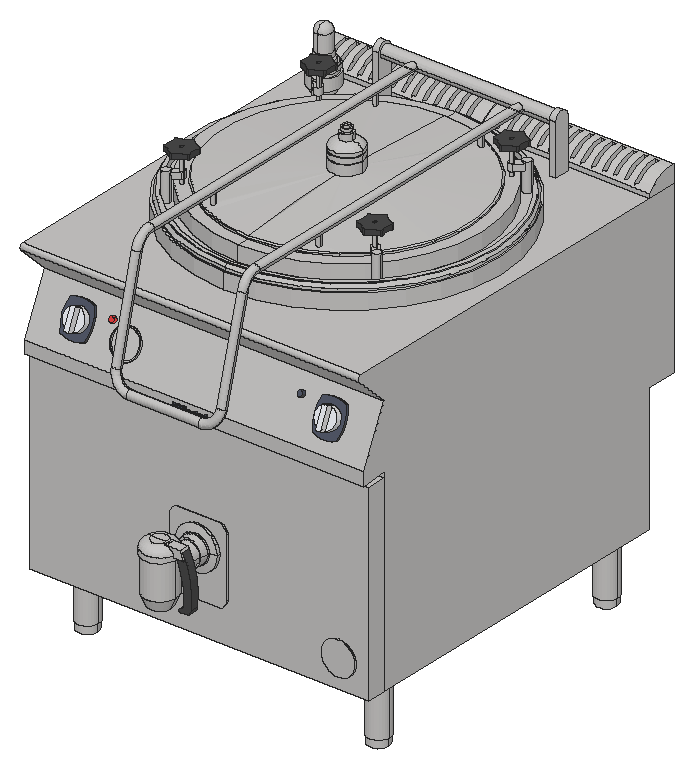
Revit family "QF_ELECTROLUXPROFESSIONAL_391613_E9NNFTBAMEC", category Attrezzature speciali, Revit 2021
Family settings
  Quota connettore circolare = Usa diametro
  Tipo di parte = Normale
  Basato su piano di lavoro = No
  Sempre verticale = Sì
  Taglio con vuoti quando caricato = No
  Condiviso = No
  Punto di calcolo locali = No
Parameters (values of type "Standard")
  Weight = 145.00 kg
  Watts = 100 W
  Volts = 220 V
  URL Manufacturer = "https://www.electroluxprofessional.com/"
  URL = "https://www.electroluxprofessional.com/"
  Steam Supply Size = 0"
  Steam Supply Minimum Pressure = 0.00 psi
  Steam Supply Maximum Pressure = 0.00 psi
  Steam Consumption per Hour = 0
  Show Logo [instance] = yes
  Show Clearance [instance] = yes
  Refrigeration Suction Line Size = 0 mm
  Refrigeration Liquid Line Size = 0 mm
  Refrigerant Compressor Remote = yes
  Prospetto di default = 0 mm
  Phase = 1
  Modello = "E9NNFTBAMEC"
  Produttore = "Electrolux Professional"
  Length Actual = 800 mm  # constant formula
  Item Number = "391613"
  Hot Water Size = 3/4"
  Height Actual = 850 mm  # constant formula
  HP = "0.1 HP"
  Gas Size = 1/2"
  Gas KW = 24
  Gas Input Pressure = 0.805176 Btu/h
  Direct Waste Size = 2"
  Descrizione = "150LT GAS BOILING PAN-DIRECT HEATING AUTO-60HZ - QMARK"
  Depth Actual = 930 mm  # constant formula
  Cycle = 60 Hz
  Condensate Return Size = 0"
  Compressed Air Volume = 0 GPM
  Compressed Air Size = 0"
  Compressed Air Pressure = 0.00 psi
  Cold Water Size = 3/4"
  Assembly Code = ""
  Accessory = yes
Reference planes
  plane 1 "BACK": y = 0
  plane 2: z = 0
  plane 3 "LEFT": x = 0
  plane 4 "RIGHT": x = 800
  plane 5 "FRONT": y = -930
  plane 6 "TOP": z = 850
  plane 7 "Center Y": x = 400
  plane 8 "Center X": y = -465
  plane 9 "Base": z = 150
  plane 10: y = -1017
  plane 11: z = 1786
  plane 12: x = 56
  plane 13: x = 744
  plane 14: x = 746
  plane 15: x = 729
  plane 16: x = 46
  plane 17: x = 151.01
  plane 18: x = 648.99
  plane 19: y = -127
  plane 20: y = -801
Forms (mm)
  Revolve 1, solid, material "QF_Finishes_Stainless Steel"
    sketch origin (1, -127, 0) x (1, 0, 0) y (0, 0, 1)
      loop
        line (55, 0) -> (55, 150) -> (28.6, 150) -> (28.6, 19.05) -> (31.1, 19.05) -> (31.1, 0) -> (55, 0)
      axis (55, 0) -> (55, 150)
    angle from 0 to 360
  Revolve 2, solid, material "QF_Finishes_Stainless Steel"
    sketch origin (1, -801, 0) x (1, 0, 0) y (0, 0, 1)
      loop
        line (55, 0) -> (55, 150) -> (28.6, 150) -> (28.6, 19.05) -> (31.1, 19.05) -> (31.1, 0) -> (55, 0)
      axis (55, 0) -> (55, 150)
    angle from 0 to 360
  Extrusion 3, solid, material "QF_Finishes_Stainless Steel"
    sketch origin (0, 0, 576.213) x (0, 1, 0) y (0, 0, 1)
      loop
        line (0, -127.212) -> (0, 273.787) -> (-922.342, 273.787)
        arc (-922.342, 273.787) -> (-929.417, 269.06) -> (-927.757, 260.714) r 7.658
        line (-927.757, 260.714) -> (-856.613, 190.57) -> (-915.31, 65.214) -> (-915.31, 33.916) -> (-855.186, 38.612)
        arc (-855.186, 38.612) -> (-852.661, 37.864) -> (-851.569, 35.468) r 3.175
        line (-851.569, 35.468) -> (-851.569, -426.212) -> (-72, -426.212) -> (-72, -127.212) -> (0, -127.212)
      loop
        line (-901, 25.858) -> (-901, -426.212) -> (-854.744, -426.212) -> (-854.744, 25.858) -> (-901, 25.858)
    from 0 to 800
  Extrusion 4, solid, material "QF_Finishes_Stainless Steel"
    sketch origin (0, -901, 557.071) x (0, 0, 1) y (-1, 0, 0)
      loop
        arc (-150.774, -353.125) -> (-156.632, -338.983) -> (-170.774, -333.125) r 20
        line (-170.774, -333.125) -> (-310.774, -333.125)
        arc (-310.774, -333.125) -> (-324.916, -338.983) -> (-330.774, -353.125) r 20
        line (-330.774, -353.125) -> (-330.774, -446.875)
        arc (-330.774, -446.875) -> (-324.916, -461.017) -> (-310.774, -466.875) r 20
        line (-310.774, -466.875) -> (-170.774, -466.875)
        arc (-170.774, -466.875) -> (-156.632, -461.017) -> (-150.774, -446.875) r 20
        line (-150.774, -446.875) -> (-150.774, -353.125)
    from 0 to 3.2
  Revolve 5, solid, material "QF_Finishes_Stainless Steel"
    sketch origin (50, -127.411, 338.218) x (1, 0, 0) y (0, 1, 0)
      loop
        line (350, -776.789) -> (350, -866.845) -> (377.31, -866.845) -> (377.31, -807.326) -> (381.52, -807.326) -> (381.52, -788.802) -> (383.56, -788.802) -> (383.56, -785.903) -> (400.479, -782.307) -> (400.479, -776.789) -> (350, -776.789)
      axis (350, -866.845) -> (350, -776.789)
    angle from 0 to 360
  Extrusion 6, solid, material "QF_Finishes_Stainless Steel"
    sketch origin (0, -901, 557.071) x (0, 0, 1) y (-1, 0, 0)
      loop
        circle (-340.2, -729.973) r 40
      loop
        circle (-280.2, -284.973) r 20
    from 0 to 1.6
  Extrusion 7, solid, material "QF_Finishes_Navy Blue"
    sketch origin (-437.256, -913.119, 646.186) x (0, 0.418102, 0.9084) y (-1, 0, 0)
      loop
        arc (102.623, -510.47) -> (67.041, -502.846) -> (31.333, -509.853) r 90.5
        arc (31.333, -509.853) -> (24.507, -539.04) -> (31.333, -568.228) r 65.817
        arc (31.333, -568.228) -> (67.048, -575.112) -> (102.64, -567.615) r 91.99
        arc (102.64, -567.615) -> (109.186, -539.041) -> (102.623, -510.47) r 65.554
      loop
        arc (102.623, -1164.043) -> (109.179, -1135.47) -> (102.623, -1106.897) r 65.546
        arc (102.623, -1106.897) -> (67.04, -1099.324) -> (31.333, -1106.284) r 91.066
        arc (31.333, -1106.284) -> (24.507, -1135.472) -> (31.333, -1164.66) r 65.817
        arc (31.333, -1164.66) -> (67.041, -1171.667) -> (102.623, -1164.043) r 90.5
    from 0 to 3.175
  Extrusion 8, solid, material "QF_Finishes_White"
    sketch origin (-58.506, -916.833, 645.711) x (0, 0.418102, 0.9084) y (-1, 0, 0)
      loop
        circle (68.826, -160.963) r 25.4
      loop
        circle (68.826, -756.049) r 25.4
    from 0 to 12.7
  Extrusion 9, solid, material "QF_Finishes_White"
    sketch origin (-58.506, -928.369, 651.021) x (0, 0.418102, 0.9084) y (-1, 0, 0)
      loop
        arc (93.558, -166.749) -> (94.226, -160.963) -> (93.558, -155.177) r 25.4
        line (93.558, -155.177) -> (44.094, -155.177)
        arc (44.094, -155.177) -> (43.426, -160.963) -> (44.094, -166.749) r 25.4
        line (44.094, -166.749) -> (93.558, -166.749)
      loop
        line (93.558, -750.263) -> (44.094, -750.263)
        arc (44.094, -750.263) -> (43.426, -756.049) -> (44.094, -761.836) r 25.4
        line (44.094, -761.836) -> (93.558, -761.836)
        arc (93.558, -761.836) -> (94.226, -756.049) -> (93.558, -750.263) r 25.4
    from 0 to 12.7
  Extrusion 10, solid, material "QF_Finishes_Red"
    sketch origin (-137.986, -902.667, 668.896) x (0, 0.418102, 0.9084) y (-1, 0, 0)
      loop
        circle (65.471, -315.169) r 6.35
    from 0 to 6
  Extrusion 11, solid, material "QF_Finishes_Navy Blue"
    sketch origin (937.986, -902.667, 668.896) x (0, 0.418102, 0.9084) y (-1, 0, 0)
      loop
        circle (65.471, 315.169) r 6.35
    from 0 to 6
  Extrusion 12, solid, material "QF_Finishes_Navy Blue", visible <- "Show Logo"
    sketch origin (61.109, -915.31, 610.773) x (0, 0, 1) y (-1, 0, 0)
      loop
        line (20.674, -296.698) -> (8.307, -296.698)
        arc (8.307, -296.698) -> (14.491, -301.27) -> (20.674, -296.698) r 6.467
      loop
        arc (20.674, -296.069) -> (19.505, -290.926) -> (14.849, -288.448) r 6.338
        line (14.849, -288.448) -> (14.849, -290.494)
        arc (14.849, -290.494) -> (16.333, -294.149) -> (19.778, -296.069) r 5.941
        line (19.778, -296.069) -> (20.674, -296.069)
      loop
        arc (9.203, -296.069) -> (12.648, -294.149) -> (14.132, -290.494) r 5.941
        line (14.132, -290.494) -> (14.132, -288.448)
        arc (14.132, -288.448) -> (9.438, -290.922) -> (8.148, -296.069) r 6.504
        line (8.148, -296.069) -> (9.203, -296.069)
      loop
        line (21.349, -287.979) -> (7.604, -287.979) -> (7.604, -301.742) -> (21.349, -301.742) -> (21.349, -287.979)
      loop
        arc (21.432, -304.71) -> (21.085, -304.352) -> (20.718, -304.69) r 0.358
        arc (20.718, -304.69) -> (20.404, -305.44) -> (19.687, -305.825) r 1.216
        line (19.687, -305.825) -> (9.274, -305.825)
        arc (9.274, -305.825) -> (8.614, -305.548) -> (8.218, -304.951) r 1.238
        arc (8.218, -304.951) -> (7.823, -304.7) -> (7.518, -305.054) r 0.358
        line (7.518, -305.054) -> (7.518, -314.933) -> (10.269, -314.933) -> (10.269, -314.036)
        arc (10.269, -314.036) -> (9.36, -313.456) -> (8.904, -312.479) r 1.928
        line (8.904, -312.479) -> (8.904, -309.98)
        arc (8.904, -309.98) -> (9.18, -309.251) -> (9.868, -308.887) r 1.101
        line (9.868, -308.887) -> (13.955, -308.887) -> (13.955, -312.561)
        arc (13.955, -312.561) -> (13.602, -313.058) -> (13.037, -313.286) r 1.083
        arc (13.037, -313.286) -> (12.773, -313.591) -> (13.065, -313.869) r 0.292
        line (13.065, -313.869) -> (16.028, -313.869)
        arc (16.028, -313.869) -> (16.33, -313.596) -> (16.092, -313.266) r 0.305
        arc (16.092, -313.266) -> (15.601, -313.018) -> (15.296, -312.561) r 1.083
        line (15.296, -312.561) -> (15.296, -308.887) -> (19.973, -308.887) -> (19.973, -312.635)
        arc (19.973, -312.635) -> (19.759, -313.39) -> (19.153, -313.888) r 1.314
        arc (19.153, -313.888) -> (18.934, -314.292) -> (19.288, -314.585) r 0.361
        line (19.288, -314.585) -> (21.432, -314.585) -> (21.432, -304.71)
      loop
        arc (20.715, -315.365) -> (20.335, -316.284) -> (19.416, -316.664) r 1.299
        line (19.416, -316.664) -> (9.837, -316.664)
        arc (9.837, -316.664) -> (8.999, -316.286) -> (8.728, -315.408) r 1.118
        line (8.728, -315.408) -> (7.518, -315.408) -> (7.518, -320.758) -> (8.706, -320.758)
        arc (8.706, -320.758) -> (8.978, -319.841) -> (9.848, -319.445) r 1.153
        line (9.848, -319.445) -> (21.92, -319.445) -> (20.715, -315.365)
      loop
        line (12.483, -323.394) -> (12.483, -329.842) -> (13.282, -329.842)
        arc (13.282, -329.842) -> (15.862, -328.857) -> (17.131, -326.404) r 3.874
        line (17.131, -326.404) -> (17.131, -324.643)
        arc (17.131, -324.643) -> (15.944, -321.778) -> (13.08, -320.592) r 4.051
        line (13.08, -320.592) -> (11.072, -320.592)
        arc (11.072, -320.592) -> (8.253, -322.077) -> (7.202, -325.084) r 4.352
        arc (7.202, -325.084) -> (7.566, -327.547) -> (8.943, -329.621) r 5.713
        line (8.943, -329.621) -> (9.892, -329.621)
        arc (9.892, -329.621) -> (9.16, -328.052) -> (8.943, -326.334) r 5.579
        arc (8.943, -326.334) -> (9.737, -324.371) -> (11.616, -323.394) r 3.057
        line (11.616, -323.394) -> (12.483, -323.394)
      loop
        line (13.742, -323.394) -> (13.742, -326.977)
        arc (13.742, -326.977) -> (15.199, -327.024) -> (16.082, -325.864) r 1.59
        line (16.082, -325.864) -> (16.082, -325.034)
        arc (16.082, -325.034) -> (15.217, -323.779) -> (13.742, -323.394) r 2.184
      loop
        arc (16.533, -339.259) -> (17.022, -337.585) -> (17.179, -335.848) r 9.023
        line (17.179, -335.848) -> (17.179, -334.486)
        arc (17.179, -334.486) -> (16.02, -331.686) -> (13.22, -330.527) r 3.959
        line (13.22, -330.527) -> (10.62, -330.527)
        arc (10.62, -330.527) -> (8.338, -331.819) -> (7.221, -334.192) r 4.331
        line (7.221, -334.192) -> (7.221, -336.327)
        arc (7.221, -336.327) -> (7.729, -337.877) -> (8.651, -339.223) r 5.772
        arc (8.651, -339.223) -> (9.412, -339.274) -> (9.499, -338.515) r 0.553
        arc (9.499, -338.515) -> (9.111, -337.781) -> (8.977, -336.962) r 2.573
        line (8.977, -336.962) -> (8.977, -335.447)
        arc (8.977, -335.447) -> (9.983, -333.806) -> (11.798, -333.163) r 2.884
        line (11.798, -333.163) -> (13.077, -333.163)
        arc (13.077, -333.163) -> (14.898, -333.723) -> (15.824, -335.388) r 2.554
        line (15.824, -335.388) -> (15.824, -336.441)
        arc (15.824, -336.441) -> (15.493, -337.369) -> (14.836, -338.104) r 2.564
        arc (14.836, -338.104) -> (14.614, -338.821) -> (15.223, -339.259) r 0.643
        line (15.223, -339.259) -> (16.533, -339.259)
      loop
        line (15.515, -339.53) -> (15.515, -341.031) -> (9.467, -341.031)
        arc (9.467, -341.031) -> (7.879, -341.688) -> (7.221, -343.276) r 2.246
        line (7.221, -343.276) -> (7.221, -344.86)
        arc (7.221, -344.86) -> (7.535, -345.725) -> (8.035, -346.496) r 4.06
        arc (8.035, -346.496) -> (8.768, -346.629) -> (9.019, -345.928) r 0.576
        arc (9.019, -345.928) -> (8.913, -345.403) -> (8.977, -344.87) r 1.69
        arc (8.977, -344.87) -> (9.519, -344.082) -> (10.425, -343.779) r 1.506
        line (10.425, -343.779) -> (15.563, -343.779) -> (15.563, -346.176) -> (16.119, -346.733) -> (16.941, -346.733) -> (16.941, -343.873) -> (20.172, -343.873) -> (15.515, -339.53)
      loop
        line (7.438, -347.63) -> (7.438, -353.017) -> (8.548, -353.017)
        arc (8.548, -353.017) -> (8.942, -352.066) -> (9.893, -351.672) r 1.345
        line (9.893, -351.672) -> (13.509, -351.672)
        arc (13.509, -351.672) -> (14.274, -352.264) -> (14.564, -353.186) r 1.615
        line (14.564, -353.186) -> (14.564, -354.742) -> (17.119, -355.427) -> (17.119, -354.044) -> (15.177, -351.485) -> (17.057, -351.485) -> (16.773, -348.779)
        arc (16.773, -348.779) -> (16.333, -348.249) -> (15.674, -348.45) r 0.621
        arc (15.674, -348.45) -> (15.274, -348.792) -> (14.78, -348.975) r 1.501
        line (14.78, -348.975) -> (9.893, -348.975)
        arc (9.893, -348.975) -> (8.942, -348.581) -> (8.548, -347.63) r 1.345
        line (8.548, -347.63) -> (7.438, -347.63)
      loop
        line (13.54, -354.964) -> (10.848, -354.964)
        arc (10.848, -354.964) -> (8.403, -356.272) -> (7.269, -358.803) r 4.288
        arc (7.269, -358.803) -> (7.205, -360.183) -> (7.269, -361.563) r 15.022
        arc (7.269, -361.563) -> (8.403, -364.094) -> (10.848, -365.401) r 4.288
        line (10.848, -365.401) -> (13.54, -365.401)
        arc (13.54, -365.401) -> (15.986, -364.094) -> (17.119, -361.563) r 4.288
        arc (17.119, -361.563) -> (17.183, -360.183) -> (17.119, -358.803) r 15.022
        arc (17.119, -358.803) -> (15.986, -356.272) -> (13.54, -354.964) r 4.288
      loop
        line (13.745, -358.078) -> (10.643, -358.078)
        arc (10.643, -358.078) -> (8.486, -360.235) -> (10.643, -362.392) r 2.157
        line (10.643, -362.392) -> (13.745, -362.392)
        arc (13.745, -362.392) -> (15.902, -360.235) -> (13.745, -358.078) r 2.157
      loop
        arc (20.726, -365.26) -> (20.355, -366.154) -> (19.461, -366.524) r 1.264
        line (19.461, -366.524) -> (9.597, -366.524)
        arc (9.597, -366.524) -> (8.727, -366.127) -> (8.455, -365.211) r 1.153
        line (8.455, -365.211) -> (7.518, -365.211) -> (7.518, -370.319) -> (8.446, -370.319)
        arc (8.446, -370.319) -> (8.805, -369.547) -> (9.597, -369.232) r 1.153
        line (9.597, -369.232) -> (21.92, -369.232) -> (20.726, -365.26)
      loop
        arc (15.846, -369.857) -> (15.647, -370.921) -> (14.678, -371.403) r 1.215
        line (14.678, -371.403) -> (9.658, -371.403)
        arc (9.658, -371.403) -> (8.043, -372.051) -> (7.322, -373.634) r 2.338
        line (7.322, -373.634) -> (7.322, -375.148)
        arc (7.322, -375.148) -> (7.497, -376.152) -> (7.999, -377.038) r 2.979
        line (7.999, -377.038) -> (7.518, -378.835) -> (7.518, -380.524) -> (16.943, -380.524) -> (16.649, -376.32) -> (15.863, -376.32)
        arc (15.863, -376.32) -> (15.507, -377.156) -> (14.755, -377.665) r 1.605
        line (14.755, -377.665) -> (9.652, -377.665)
        arc (9.652, -377.665) -> (9.232, -376.728) -> (9.159, -375.704) r 2.94
        arc (9.159, -375.704) -> (9.72, -374.603) -> (10.873, -374.16) r 1.724
        line (10.873, -374.16) -> (17.07, -374.16) -> (15.846, -369.857)
      loop
        line (16.874, -381.377) -> (15.202, -383.423) -> (12.028, -385.729) -> (8.572, -382.617)
        arc (8.572, -382.617) -> (8.335, -382.223) -> (8.357, -381.764) r 0.789
        line (8.357, -381.764) -> (7.518, -381.764) -> (7.518, -385.309) -> (8.344, -385.309)
        arc (8.344, -385.309) -> (8.686, -384.947) -> (9.176, -385.039) r 0.52
        line (9.176, -385.039) -> (10.976, -386.51) -> (8.858, -387.886)
        arc (8.858, -387.886) -> (8.457, -387.576) -> (8.37, -387.076) r 0.7
        line (8.37, -387.076) -> (7.518, -387.076) -> (7.518, -393.003) -> (8.405, -393.003)
        arc (8.405, -393.003) -> (8.472, -392.344) -> (8.866, -391.813) r 1.247
        line (8.866, -391.813) -> (13.066, -388.532) -> (15.513, -390.585) -> (16.874, -392.327) -> (16.874, -388.604) -> (15.389, -389.026) -> (13.868, -387.749) -> (15.568, -386.559) -> (16.874, -387.336) -> (16.874, -381.377)
    from 0 to 1.644
  Revolve 13, solid, material "QF_Finishes_Stainless Steel"
    sketch origin (400, -109.012, 0.687) x (0, 1, 0) y (0, 0, 1)
      loop
        line (-355.988, 849.312) -> (-355.988, 946.284)
        arc (-355.988, 946.284) -> (-500.572, 942.27) -> (-644.711, 930.241) r 2606.177
        line (-644.711, 930.241) -> (-647.488, 927.465) -> (-647.488, 924.094) -> (-676.819, 924.094) -> (-676.819, 888.437) -> (-701.151, 888.437) -> (-701.151, 902.549) -> (-710.075, 902.549) -> (-710.075, 900.745) -> (-714.988, 892.235) -> (-714.988, 886.51) -> (-719.988, 886.51) -> (-719.988, 849.312) -> (-355.988, 849.312)
      axis (-355.988, 849.312) -> (-355.988, 946.284)
    angle from 0 to 360
  Extrusion 14, solid, material "QF_Finishes_Stainless Steel"
    sketch origin (0, 0, 560.363) x (0, 1, 0) y (0, 0, 1)
      loop
        line (0, 289.638) -> (0, 331.738)
        arc (0, 331.738) -> (-38.857, 324.552) -> (-69.85, 300.038) r 82.056
        line (-69.85, 300.038) -> (-69.85, 289.638) -> (0, 289.638)
    from 0 to 400
  Extrusion 15, void
    sketch origin (0, 0, 835) x (0, -1, 0) y (1, 0, 0)
      loop
        line (6.761, 28.703) -> (63.911, 28.703) -> (63.911, 37.999) -> (6.761, 37.999) -> (6.761, 28.703)
      loop
        line (63.911, 64.487) -> (6.761, 64.487) -> (6.761, 55.191) -> (63.911, 55.191) -> (63.911, 64.487)
      loop
        line (63.911, 89.975) -> (6.761, 89.975) -> (6.761, 80.68) -> (63.911, 80.68) -> (63.911, 89.975)
      loop
        line (63.911, 115.464) -> (6.761, 115.464) -> (6.761, 106.168) -> (63.911, 106.168) -> (63.911, 115.464)
      loop
        line (63.911, 140.952) -> (6.761, 140.952) -> (6.761, 131.656) -> (63.911, 131.656) -> (63.911, 140.952)
      loop
        line (63.911, 166.44) -> (6.761, 166.44) -> (6.761, 157.145) -> (63.911, 157.145) -> (63.911, 166.44)
      loop
        line (63.911, 191.929) -> (6.761, 191.929) -> (6.761, 182.633) -> (63.911, 182.633) -> (63.911, 191.929)
      loop
        line (63.911, 217.417) -> (6.761, 217.417) -> (6.761, 208.121) -> (63.911, 208.121) -> (63.911, 217.417)
      loop
        line (63.911, 242.905) -> (6.761, 242.905) -> (6.761, 233.61) -> (63.911, 233.61) -> (63.911, 242.905)
      loop
        line (63.911, 268.394) -> (6.761, 268.394) -> (6.761, 259.098) -> (63.911, 259.098) -> (63.911, 268.394)
      loop
        line (63.911, 293.882) -> (6.761, 293.882) -> (6.761, 284.586) -> (63.911, 284.586) -> (63.911, 293.882)
      loop
        line (63.911, 319.37) -> (6.761, 319.37) -> (6.761, 310.075) -> (63.911, 310.075) -> (63.911, 319.37)
      loop
        line (63.911, 344.859) -> (6.761, 344.859) -> (6.761, 335.563) -> (63.911, 335.563) -> (63.911, 344.859)
      loop
        line (63.911, 370.347) -> (6.761, 370.347) -> (6.761, 361.051) -> (63.911, 361.051) -> (63.911, 370.347)
    from 25.4 to 63.5
  Extrusion 16, solid, material "QF_Finishes_Stainless Steel"
    sketch origin (800, 0, 560.363) x (0, 1, 0) y (0, 0, -1)
      loop
        line (0, -289.638) -> (-69.85, -289.638) -> (-69.85, -300.038)
        arc (-69.85, -300.038) -> (-38.857, -324.552) -> (0, -331.738) r 82.056
        line (0, -331.738) -> (0, -289.638)
    from 0 to 400
  Extrusion 17, void
    sketch origin (800, 0, 835) x (0, -1, 0) y (1, 0, 0)
      loop
        line (6.761, -29.703) -> (6.761, -38.999) -> (63.911, -38.999) -> (63.911, -29.703) -> (6.761, -29.703)
      loop
        line (63.911, -64.487) -> (63.911, -55.191) -> (6.761, -55.191) -> (6.761, -64.487) -> (63.911, -64.487)
      loop
        line (63.911, -89.975) -> (63.911, -80.68) -> (6.761, -80.68) -> (6.761, -89.975) -> (63.911, -89.975)
      loop
        line (63.911, -115.464) -> (63.911, -106.168) -> (6.761, -106.168) -> (6.761, -115.464) -> (63.911, -115.464)
      loop
        line (63.911, -140.952) -> (63.911, -131.656) -> (6.761, -131.656) -> (6.761, -140.952) -> (63.911, -140.952)
      loop
        line (63.911, -166.44) -> (63.911, -157.145) -> (6.761, -157.145) -> (6.761, -166.44) -> (63.911, -166.44)
      loop
        line (63.911, -191.929) -> (63.911, -182.633) -> (6.761, -182.633) -> (6.761, -191.929) -> (63.911, -191.929)
      loop
        line (63.911, -217.417) -> (63.911, -208.121) -> (6.761, -208.121) -> (6.761, -217.417) -> (63.911, -217.417)
      loop
        line (63.911, -242.905) -> (63.911, -233.61) -> (6.761, -233.61) -> (6.761, -242.905) -> (63.911, -242.905)
      loop
        line (63.911, -268.394) -> (63.911, -259.098) -> (6.761, -259.098) -> (6.761, -268.394) -> (63.911, -268.394)
      loop
        line (63.911, -293.882) -> (63.911, -284.586) -> (6.761, -284.586) -> (6.761, -293.882) -> (63.911, -293.882)
      loop
        line (63.911, -319.37) -> (63.911, -310.075) -> (6.761, -310.075) -> (6.761, -319.37) -> (63.911, -319.37)
      loop
        line (63.911, -344.859) -> (63.911, -335.563) -> (6.761, -335.563) -> (6.761, -344.859) -> (63.911, -344.859)
      loop
        line (63.911, -370.347) -> (63.911, -361.051) -> (6.761, -361.051) -> (6.761, -370.347) -> (63.911, -370.347)
    from 25.4 to 63.5
  Extrusion 18, solid, material "QF_Finishes_Stainless Steel"
    sketch origin (0, -90.262, 0) x (1, 0, 0) y (0, 1, 0)
      loop
        circle (275.084, -613.366) r 5
      loop
        circle (275.084, -135.109) r 5
      loop
        circle (524.916, -613.366) r 5
      loop
        circle (524.916, -135.109) r 5
    from 873.469 to 966.597
  Extrusion 19, solid, material "QF_Finishes_Stainless Steel"
    sketch origin (0, -653.222, 150) x (1, 0, 0) y (0, -1, 0)
      loop
        circle (746, 1.778) r 6.35
    from 0 to 13
  Extrusion 20, solid, material "QF_Finishes_Stainless Steel"
    sketch origin (0, -654.222, 150) x (1, 0, 0) y (0, -1, 0)
      loop
        circle (729, 66.778) r 6.35
    from 0 to 13
  Extrusion 21, solid, material "QF_Finishes_Stainless Steel"
    sketch origin (-673, -652.222, 150) x (1, 0, 0) y (0, -1, 0)
      loop
        circle (719, -6.222) r 9.5
      loop
        circle (719, 63.778) r 9.5
    from 0 to 13
  Extrusion 22, solid, material "QF_Clearances", visible <- "Show Clearance", detail levels coarse
    sketch origin (0, 0, 0) x (1, 0, 0) y (0, 1, 0)
      loop
        line (-50, -930) -> (0, -930) -> (0, 0) -> (800, 0) -> (800, -930) -> (850, -930) -> (850, 50) -> (-50, 50) -> (-50, -930)
    from 0 to 865.138
  Extrusion 23, solid, material "QF_Finishes_Stainless Steel"
    sketch origin (73.929, 3.488, 39.209) x (0, 1, 0) y (0, 0, 1)
      loop
        line (-86.2, 810.791) -> (-86.2, 927.861)
        arc (-86.2, 927.861) -> (-103.594, 945.255) -> (-120.988, 927.861) r 17.394
        line (-120.988, 927.861) -> (-120.988, 810.791) -> (-86.2, 810.791)
    from 527.978 to 542.561
  Extrusion 24, solid, material "QF_Finishes_Stainless Steel"
    sketch origin (0, 3.488, 37.959) x (0, 1, 0) y (0, 0, 1)
      loop
        circle (-103.594, 927.13) r 15
    from 198.093 to 601.907
  Extrusion 25, solid, material "QF_Finishes_Stainless Steel"
    sketch origin (726.071, 3.488, 39.209) x (0, 1, 0) y (0, 0, -1)
      loop
        line (-86.2, -810.791) -> (-120.988, -810.791) -> (-120.988, -927.861)
        arc (-120.988, -927.861) -> (-103.594, -945.255) -> (-86.2, -927.861) r 17.394
        line (-86.2, -927.861) -> (-86.2, -810.791)
    from 527.978 to 542.561
  Extrusion 26, solid, material "QF_Finishes_Stainless Steel"
    sketch origin (0, -858.418, 765.034) x (0, -0.418102, -0.9084) y (1, 0, 0)
      loop
        circle (73.793, 217.932) r 35
    from 0 to 3.2
  Extrusion 27, void
    sketch origin (0, -861.325, 766.372) x (0, -0.418102, -0.9084) y (1, 0, 0)
      loop
        circle (73.793, 217.932) r 33
    from 0 to -1.6
  Revolve 28, solid, material "QF_Finishes_Stainless Steel"
    sketch origin (75, 0, 0) x (0, 1, 0) y (0, 0, 1)
      loop
        line (-127, 850) -> (-127, 995.049)
        arc (-127, 995.049) -> (-139.857, 989.724) -> (-145.183, 976.867) r 18.183
        line (-145.183, 976.867) -> (-145.183, 936.198) -> (-147.515, 936.198) -> (-147.515, 925.501) -> (-152, 921.015) -> (-152, 914.56) -> (-157, 914.56) -> (-157, 909.56) -> (-160.008, 909.56) -> (-160.008, 901.432) -> (-157, 901.432) -> (-157, 892.923) -> (-162, 892.923) -> (-162, 865.138) -> (-152, 865.138) -> (-152, 850) -> (-127, 850)
      axis (-127, 850) -> (-127, 995.049)
    angle from 0 to 360
  Extrusion 29, solid, material "QF_Finishes_Stainless Steel"
    sketch origin (400, -465, 889.125) x (-1, 0, 0) y (0, -1, 0)
      loop
        circle (248.99, -222.263) r 9.5
      loop
        circle (-248.99, -222.263) r 9.5
      loop
        circle (248.99, 222.737) r 9.5
      loop
        circle (-248.99, 222.737) r 9.5
    from 0 to 65.025
  Extrusion 30, solid, material "QF_Finishes_Stainless Steel"
    sketch origin (0, 0, 0) x (1, 0, 0) y (0, 1, 0)
      loop
        line (160.29, -688.771) -> (176.792, -672.269)
        arc (176.792, -672.269) -> (176.792, -660.955) -> (165.478, -660.955) r 8
        line (165.478, -660.955) -> (148.976, -677.457)
        arc (148.976, -677.457) -> (157.728, -680.019) -> (160.29, -688.771) r 9.5
      loop
        arc (639.71, -688.771) -> (642.272, -680.019) -> (651.024, -677.457) r 9.5
        line (651.024, -677.457) -> (634.522, -660.955)
        arc (634.522, -660.955) -> (623.208, -660.955) -> (623.208, -672.269) r 8
        line (623.208, -672.269) -> (639.71, -688.771)
      loop
        arc (160.29, -240.703) -> (157.728, -249.454) -> (148.976, -252.017) r 9.5
        line (148.976, -252.017) -> (165.478, -268.519)
        arc (165.478, -268.519) -> (176.792, -268.519) -> (176.792, -257.205) r 8
        line (176.792, -257.205) -> (160.29, -240.703)
      loop
        line (639.71, -240.703) -> (623.208, -257.205)
        arc (623.208, -257.205) -> (623.208, -268.519) -> (634.522, -268.519) r 8
        line (634.522, -268.519) -> (651.024, -252.017)
        arc (651.024, -252.017) -> (642.272, -249.454) -> (639.71, -240.703) r 9.5
    from 936.198 to 951.201
  Extrusion 31, solid, material "QF_Finishes_Stainless Steel"
    sketch origin (400, -465, 924.782) x (-1, 0, 0) y (0, -1, 0)
      loop
        circle (228.323, 202.069) r 4
      loop
        circle (-228.323, 202.069) r 4
      loop
        circle (228.323, -202.069) r 4
      loop
        circle (-228.323, -202.069) r 4
    from 0 to 65.572
  Extrusion 32, solid, material "QF_Finishes_Black"
    sketch origin (0, 0, 0) x (1, 0, 0) y (0, 1, 0)
      loop
        circle (171.677, -667.069) r 4
      loop
        arc (173.74, -634.086) -> (171.677, -633.272) -> (169.615, -634.086) r 3.02
        arc (169.615, -634.086) -> (157.714, -642.903) -> (144.127, -648.797) r 65
        arc (144.127, -648.797) -> (142.401, -650.167) -> (142.077, -652.346) r 3
        arc (142.077, -652.346) -> (143.767, -667.069) -> (142.077, -681.793) r 65
        arc (142.077, -681.793) -> (142.401, -683.972) -> (144.127, -685.342) r 3
        arc (144.127, -685.342) -> (157.733, -691.247) -> (169.647, -700.083) r 65
        arc (169.647, -700.083) -> (171.677, -700.885) -> (173.708, -700.083) r 2.971
        arc (173.708, -700.083) -> (185.622, -691.247) -> (199.228, -685.342) r 65
        arc (199.228, -685.342) -> (200.954, -683.972) -> (201.278, -681.793) r 3
        arc (201.278, -681.793) -> (199.588, -667.069) -> (201.278, -652.346) r 65
        arc (201.278, -652.346) -> (200.954, -650.167) -> (199.228, -648.797) r 3
        arc (199.228, -648.797) -> (185.641, -642.903) -> (173.74, -634.086) r 65
      loop
        circle (628.323, -667.069) r 4
      loop
        arc (626.26, -634.086) -> (614.359, -642.903) -> (600.772, -648.797) r 65
        arc (600.772, -648.797) -> (599.046, -650.167) -> (598.722, -652.346) r 3
        arc (598.722, -652.346) -> (600.412, -667.069) -> (598.722, -681.793) r 65
        arc (598.722, -681.793) -> (599.046, -683.972) -> (600.772, -685.342) r 3
        arc (600.772, -685.342) -> (614.378, -691.247) -> (626.292, -700.083) r 65
        arc (626.292, -700.083) -> (628.323, -700.885) -> (630.353, -700.083) r 2.971
        arc (630.353, -700.083) -> (642.267, -691.247) -> (655.873, -685.342) r 65
        arc (655.873, -685.342) -> (657.599, -683.972) -> (657.923, -681.793) r 3
        arc (657.923, -681.793) -> (656.233, -667.069) -> (657.923, -652.346) r 65
        arc (657.923, -652.346) -> (657.599, -650.167) -> (655.873, -648.797) r 3
        arc (655.873, -648.797) -> (642.286, -642.903) -> (630.385, -634.086) r 65
        arc (630.385, -634.086) -> (628.323, -633.272) -> (626.26, -634.086) r 3.02
      loop
        circle (171.677, -262.931) r 4
      loop
        arc (173.74, -295.914) -> (185.641, -287.097) -> (199.228, -281.203) r 65
        arc (199.228, -281.203) -> (200.954, -279.833) -> (201.278, -277.654) r 3
        arc (201.278, -277.654) -> (199.588, -262.931) -> (201.278, -248.207) r 65
        arc (201.278, -248.207) -> (200.954, -246.028) -> (199.228, -244.658) r 3
        arc (199.228, -244.658) -> (185.622, -238.753) -> (173.708, -229.917) r 65
        arc (173.708, -229.917) -> (171.677, -229.115) -> (169.647, -229.917) r 2.971
        arc (169.647, -229.917) -> (157.733, -238.753) -> (144.127, -244.658) r 65
        arc (144.127, -244.658) -> (142.401, -246.028) -> (142.077, -248.207) r 3
        arc (142.077, -248.207) -> (143.767, -262.931) -> (142.077, -277.654) r 65
        arc (142.077, -277.654) -> (142.401, -279.833) -> (144.127, -281.203) r 3
        arc (144.127, -281.203) -> (157.714, -287.097) -> (169.615, -295.914) r 65
        arc (169.615, -295.914) -> (171.677, -296.728) -> (173.74, -295.914) r 3.02
      loop
        circle (628.323, -262.931) r 4
      loop
        arc (626.26, -295.914) -> (628.323, -296.728) -> (630.385, -295.914) r 3.02
        arc (630.385, -295.914) -> (642.286, -287.097) -> (655.873, -281.203) r 65
        arc (655.873, -281.203) -> (657.599, -279.833) -> (657.923, -277.654) r 3
        arc (657.923, -277.654) -> (656.233, -262.931) -> (657.923, -248.207) r 65
        arc (657.923, -248.207) -> (657.599, -246.028) -> (655.873, -244.658) r 3
        arc (655.873, -244.658) -> (642.267, -238.753) -> (630.353, -229.917) r 65
        arc (630.353, -229.917) -> (628.323, -229.115) -> (626.292, -229.917) r 2.971
        arc (626.292, -229.917) -> (614.378, -238.753) -> (600.772, -244.658) r 65
        arc (600.772, -244.658) -> (599.046, -246.028) -> (598.722, -248.207) r 3
        arc (598.722, -248.207) -> (600.412, -262.931) -> (598.722, -277.654) r 65
        arc (598.722, -277.654) -> (599.046, -279.833) -> (600.772, -281.203) r 3
        arc (600.772, -281.203) -> (614.359, -287.097) -> (626.26, -295.914) r 65
    from 990.354 to 1001.265
  Revolve 33, solid, material "QF_Finishes_Stainless Steel"
    sketch origin (50, -1017, -209.451) x (1, 0, 0) y (0, 0, 1)
      loop
        line (387.487, 584.414) -> (391.109, 584.414) -> (391.109, 596.458)
        arc (391.109, 596.458) -> (383.595, 608.72) -> (370.039, 613.521) r 21.541
        line (370.039, 613.521) -> (350, 613.521) -> (350, 475.451) -> (376.476, 475.451) -> (387.487, 500.451) -> (387.487, 584.414)
      axis (350, 475.451) -> (350, 613.521)
    angle from 0 to 360
  Extrusion 34, solid, material "QF_Finishes_Black"
    sketch origin (0, -932, 1) x (1, 0, 0) y (0, 0, 1)
      loop
        arc (462.072, 282.761) -> (458.739, 279.204) -> (454.343, 277.096) r 13.226
        arc (454.343, 277.096) -> (451.562, 273.099) -> (455.036, 269.686) r 3.774
        line (455.036, 269.686) -> (472.172, 272.033)
        arc (472.172, 272.033) -> (478.889, 276.04) -> (480.667, 283.655) r 10
        arc (480.667, 283.655) -> (479.826, 343.081) -> (460.542, 399.297) r 188.693
        line (460.542, 399.297) -> (438.183, 399.297)
        arc (438.183, 399.297) -> (458.444, 342.734) -> (462.072, 282.761) r 212.616
    from 77.064 to 92.936
  Extrusion 35, solid, material "QF_Finishes_Stainless Steel"
    sketch origin (0, -932, 1) x (1, 0, 0) y (0, 0, 1)
      loop
        line (436.837, 382.461) -> (463.876, 382.461)
        arc (463.876, 382.461) -> (461.091, 393.228) -> (456.741, 403.464) r 74.823
        line (456.741, 403.464) -> (415.663, 403.464)
        arc (415.663, 403.464) -> (428.508, 395.239) -> (436.837, 382.461) r 36.276
    from 74.362 to 95.975
  Extrusion 36, solid, material "QF_Finishes_Stainless Steel"
    sketch origin (35, -654.222, 150) x (1, 0, 0) y (0, -1, 0)
      loop
        circle (736, 61.778) r 4
    from 0 to 13
  Revolve 37, solid, material "QF_Finishes_Stainless Steel"
    sketch origin (0, -465, 13.75) x (-1, 0, 0) y (0, 0, 1)
      loop
        line (-400, 1026.597) -> (-406.853, 1026.597) -> (-406.853, 1021.597) -> (-411.853, 1021.597) -> (-411.853, 1016.597) -> (-409.619, 1016.597) -> (-409.619, 1011.597) -> (-414.619, 1011.597) -> (-414.619, 998.268)
        arc (-414.619, 998.268) -> (-427.359, 993.544) -> (-436.874, 983.845) r 31.138
        line (-436.874, 983.845) -> (-436.874, 976.783) -> (-434.664, 976.783) -> (-434.664, 973.827) -> (-436.874, 973.827) -> (-436.874, 962.824) -> (-434.664, 962.824) -> (-434.664, 959.868) -> (-436.874, 959.868) -> (-436.874, 937.193) -> (-426.874, 937.193) -> (-426.874, 920.933) -> (-400, 920.933) -> (-400, 1026.597)
      axis (-400, 920.933) -> (-400, 1026.597)
    angle from 0 to 360
  Revolve 38, solid, material "QF_Clearances", visible <- "Show Clearance", detail levels coarse
    sketch origin (400, -1057.161, 758.356) x (0, 0.207912, -0.978148) y (0, 0.978148, 0.207912)
      loop
        line (-355.988, 849.312) -> (-355.988, 946.284)
        arc (-355.988, 946.284) -> (-500.572, 942.27) -> (-644.711, 930.241) r 2606.177
        line (-644.711, 930.241) -> (-647.488, 927.465) -> (-647.488, 924.094) -> (-676.819, 924.094) -> (-676.819, 888.437) -> (-701.151, 888.437) -> (-701.151, 902.549) -> (-710.075, 902.549) -> (-710.075, 900.745) -> (-714.988, 892.235) -> (-714.988, 886.51) -> (-719.988, 886.51) -> (-719.988, 849.312) -> (-355.988, 849.312)
      axis (-355.988, 849.312) -> (-355.988, 946.284)
    angle from 0 to 360
  Extrusion 39, solid, material "QF_Clearances", visible <- "Show Clearance", detail levels coarse
    sketch origin (0, -1053.936, 739.873) x (1, 0, 0) y (0, 0.207912, -0.978148)
      loop
        circle (275.084, -613.366) r 5
      loop
        circle (275.084, -135.109) r 5
      loop
        circle (524.916, -613.366) r 5
      loop
        circle (524.916, -135.109) r 5
    from 873.469 to 966.597
  Revolve 40, solid, material "QF_Clearances", visible <- "Show Clearance", detail levels coarse
    sketch origin (0, -1118.398, 1109.28) x (-1, 0, 0) y (0, 0.978148, 0.207912)
      loop
        line (-400, 1026.597) -> (-406.853, 1026.597) -> (-406.853, 1021.597) -> (-411.853, 1021.597) -> (-411.853, 1016.597) -> (-409.619, 1016.597) -> (-409.619, 1011.597) -> (-414.619, 1011.597) -> (-414.619, 998.268)
        arc (-414.619, 998.268) -> (-427.359, 993.544) -> (-436.874, 983.845) r 31.138
        line (-436.874, 983.845) -> (-436.874, 976.783) -> (-434.664, 976.783) -> (-434.664, 973.827) -> (-436.874, 973.827) -> (-436.874, 962.824) -> (-434.664, 962.824) -> (-434.664, 959.868) -> (-436.874, 959.868) -> (-436.874, 937.193) -> (-426.874, 937.193) -> (-426.874, 920.933) -> (-400, 920.933) -> (-400, 1026.597)
      axis (-400, 920.933) -> (-400, 1026.597)
    angle from 0 to 360
  Sweep 41, solid, material "QF_Finishes_Stainless Steel"
    path in 3D
      loop
        line (275.084, -107.606, 965.089) -> (275.084, -890.935, 965.089)
        arc (275.084, -890.935, 965.089) -> (275.084, -915.286, 956.823) -> (275.084, -929.572, 935.442) r 40
        line (275.084, -929.572, 935.442) -> (275.084, -989.388, 712.205)
        spline (275.084, -989.388, 712.205) -> (275.43, -990.793, 706.963) -> (276.446, -992.161, 701.857) -> (278.128, -993.489, 696.901) -> (280.443, -994.748, 692.203) -> (283.35, -995.913, 687.854) -> (286.799, -996.967, 683.921) -> (290.734, -997.891, 680.471) -> (295.088, -998.67, 677.567) -> (299.78, -999.29, 675.252) -> (304.726, -999.74, 673.571) -> (309.84, -1000.013, 672.552) -> (315.084, -1000.106, 672.205)
        line (315.084, -1000.106, 672.205) -> (484.916, -1000.106, 672.205)
        spline (484.916, -1000.106, 672.205) -> (490.158, -1000.013, 672.551) -> (495.264, -999.741, 673.567) -> (500.22, -999.29, 675.249) -> (504.918, -998.67, 677.565) -> (509.267, -997.891, 680.471) -> (513.2, -996.967, 683.92) -> (516.65, -995.913, 687.855) -> (519.555, -994.746, 692.209) -> (521.869, -993.489, 696.901) -> (523.551, -992.164, 701.847) -> (524.57, -990.793, 706.961) -> (524.916, -989.388, 712.205)
        line (524.916, -989.388, 712.205) -> (524.916, -929.572, 935.442)
        arc (524.916, -929.572, 935.442) -> (524.916, -915.286, 956.823) -> (524.916, -890.935, 965.089) r 40
        line (524.916, -890.935, 965.089) -> (524.916, -107.606, 965.089)
    profile origin (524.916, -499.271, 965.089) x (-1, 0, 0) y (0, 0, 1)
      loop
        circle (0, 0) r 9.5
  Sweep 42, solid, material "QF_Clearances", visible <- "Show Clearance", detail levels coarse
    path in 3D
      loop
        line (275.084, -107.606, 965.089) -> (275.084, -270.469, 1731.3)
        arc (275.084, -270.469, 1731.3) -> (275.084, -283.617, 1753.4) -> (275.084, -307.502, 1762.929) r 40
        line (275.084, -307.502, 1762.929) -> (275.084, -538.322, 1775.026)
        arc (275.084, -538.322, 1775.026) -> (286.8, -566.568, 1776.497) -> (315.084, -578.268, 1777.106) r 40
        line (315.084, -578.268, 1777.106) -> (484.916, -578.268, 1777.106)
        arc (484.916, -578.268, 1777.106) -> (513.2, -566.568, 1776.497) -> (524.916, -538.322, 1775.026) r 40
        line (524.916, -538.322, 1775.026) -> (524.916, -307.502, 1762.929)
        arc (524.916, -307.502, 1762.929) -> (524.916, -283.617, 1753.4) -> (524.916, -270.469, 1731.3) r 40
        line (524.916, -270.469, 1731.3) -> (524.916, -107.606, 965.089)
    profile origin (275.084, -189.038, 1348.194) x (0, -0.978148, -0.207912) y (1, 0, 0)
      loop
        circle (0, 0) r 9.5
  Revolve 43, solid, material "QF_Finishes_Stainless Steel"
    sketch origin (799, -127, 0) x (-1, 0, 0) y (0, 0, -1)
      loop
        line (55, 0) -> (31.1, 0) -> (31.1, -19.05) -> (28.6, -19.05) -> (28.6, -150) -> (55, -150) -> (55, 0)
      axis (55, 0) -> (55, -150)
    angle from 0 to 360
  Revolve 44, solid, material "QF_Finishes_Stainless Steel"
    sketch origin (799, -801, 0) x (-1, 0, 0) y (0, 0, -1)
      loop
        line (55, 0) -> (31.1, 0) -> (31.1, -19.05) -> (28.6, -19.05) -> (28.6, -150) -> (55, -150) -> (55, 0)
      axis (55, 0) -> (55, -150)
    angle from 0 to 360
Cuts and joins
  Extrusion 15, Extrusion 17 cuts Extrusion 14
  Extrusion 17 cuts Extrusion 16
  joined: Revolve 13, Extrusion 18
  Extrusion 27 cuts Extrusion 26
Lines and regions (mm)
  Split face 1
    outline origin (217.932, -904.521, 668.693) x (0, 0.418102, 0.9084) y (-1, 0, 0)
      loop
        arc (30.715, 0.549) -> (31.427, -1.747) -> (33.785, -2.216) r 2.35
        line (33.785, -2.216) -> (38.233, -6.22) -> (39.786, -4.666) -> (35.272, -0.602)
        arc (35.272, -0.602) -> (34.573, 1.747) -> (32.164, 2.197) r 2.35
        line (32.164, 2.197) -> (12.789, 18.808)
        arc (12.789, 18.808) -> (12.314, 18.779) -> (12.329, 18.304) r 0.341
        line (12.329, 18.304) -> (30.715, 0.549)
  symbolic lines, style "QF_Clearances", visible <- "Show Clearance", detail levels coarse
    curve 1: line (850, -930, 0) -> (850, 50, 0)
    curve 2: line (850, 50, 0) -> (-50, 50, 0)
    curve 3: line (-50, 50, 0) -> (-50, -930, 0)
  symbolic lines
    curve 4: line (0, -930, 0) -> (265.584, -930, 0)
    curve 5: line (0, 0, 0) -> (0, -930, 0)
    curve 6: line (800, 0, 0) -> (0, 0, 0)
    curve 7: line (800, -930, 0) -> (800, 0, 0)
    curve 8: line (0, -69.85, 0) -> (800, -69.85, 0)
    curve 9: line (431.52, -934.772, 0) -> (431.52, -930, 0)
    curve 10: line (431.52, -934.772, 0) -> (368.48, -934.772, 0)
    curve 11: line (368.48, -934.772, 0) -> (368.48, -930, 0)
    curve 12: line (372.69, -934.772, 0) -> (372.69, -986.273, 0)
    curve 13: line (427.31, -934.772, 0) -> (427.31, -986.273, 0)
    curve 14: line (28.703, -6.761, 0) -> (37.999, -6.761, 0)
    curve 15: line (28.703, -64.885, 0) -> (28.703, -6.761, 0)
    curve 16: line (37.999, -64.885, 0) -> (28.703, -64.885, 0)
    curve 17: line (37.999, -6.761, 0) -> (37.999, -64.885, 0)
    curve 18: line (64.487, -64.885, 0) -> (55.191, -64.885, 0)
    curve 19: line (64.487, -6.761, 0) -> (64.487, -64.885, 0)
    curve 20: line (55.191, -6.761, 0) -> (64.487, -6.761, 0)
    curve 21: line (55.191, -64.885, 0) -> (55.191, -6.761, 0)
    curve 22: line (80.68, -6.761, 0) -> (89.975, -6.761, 0)
    curve 23: line (80.68, -64.885, 0) -> (80.68, -6.761, 0)
    curve 24: line (89.975, -64.885, 0) -> (80.68, -64.885, 0)
    curve 25: line (89.975, -6.761, 0) -> (89.975, -64.885, 0)
    curve 26: line (115.464, -64.885, 0) -> (106.168, -64.885, 0)
    curve 27: line (115.464, -6.761, 0) -> (115.464, -64.885, 0)
    curve 28: line (106.168, -6.761, 0) -> (115.464, -6.761, 0)
    curve 29: line (106.168, -64.885, 0) -> (106.168, -6.761, 0)
    curve 30: line (131.656, -6.761, 0) -> (140.952, -6.761, 0)
    curve 31: line (131.656, -64.885, 0) -> (131.656, -6.761, 0)
    curve 32: line (140.952, -64.885, 0) -> (131.656, -64.885, 0)
    curve 33: line (140.952, -6.761, 0) -> (140.952, -64.885, 0)
    curve 34: line (166.44, -64.885, 0) -> (157.145, -64.885, 0)
    curve 35: line (166.44, -6.761, 0) -> (166.44, -64.885, 0)
    curve 36: line (157.145, -6.761, 0) -> (166.44, -6.761, 0)
    curve 37: line (157.145, -64.885, 0) -> (157.145, -6.761, 0)
    curve 38: line (182.633, -6.761, 0) -> (191.929, -6.761, 0)
    curve 39: line (182.633, -64.885, 0) -> (182.633, -6.761, 0)
    curve 40: line (191.929, -64.885, 0) -> (182.633, -64.885, 0)
    curve 41: line (191.929, -6.761, 0) -> (191.929, -64.885, 0)
    curve 42: line (217.417, -64.885, 0) -> (208.121, -64.885, 0)
    curve 43: line (217.417, -6.761, 0) -> (217.417, -64.885, 0)
    curve 44: line (208.121, -6.761, 0) -> (217.417, -6.761, 0)
    curve 45: line (208.121, -64.885, 0) -> (208.121, -6.761, 0)
    curve 46: line (233.61, -6.761, 0) -> (242.905, -6.761, 0)
    curve 47: line (233.61, -64.885, 0) -> (233.61, -6.761, 0)
    curve 48: line (242.905, -64.885, 0) -> (233.61, -64.885, 0)
    curve 49: line (242.905, -6.761, 0) -> (242.905, -64.885, 0)
    curve 50: line (268.394, -64.885, 0) -> (259.098, -64.885, 0)
    curve 51: line (268.394, -6.761, 0) -> (268.394, -64.885, 0)
    curve 52: line (259.098, -6.761, 0) -> (268.394, -6.761, 0)
    curve 53: line (259.098, -64.885, 0) -> (259.098, -6.761, 0)
    curve 54: line (284.586, -6.761, 0) -> (293.882, -6.761, 0)
    curve 55: line (284.586, -64.885, 0) -> (284.586, -6.761, 0)
    curve 56: line (293.882, -64.885, 0) -> (284.586, -64.885, 0)
    curve 57: line (293.882, -6.761, 0) -> (293.882, -64.885, 0)
    curve 58: line (319.37, -64.885, 0) -> (310.075, -64.885, 0)
    curve 59: line (319.37, -6.761, 0) -> (319.37, -64.885, 0)
    curve 60: line (310.075, -6.761, 0) -> (319.37, -6.761, 0)
    curve 61: line (310.075, -64.885, 0) -> (310.075, -6.761, 0)
    curve 62: line (335.563, -6.761, 0) -> (344.859, -6.761, 0)
    curve 63: line (335.563, -64.885, 0) -> (335.563, -6.761, 0)
    curve 64: line (344.859, -64.885, 0) -> (335.563, -64.885, 0)
    curve 65: line (344.859, -6.761, 0) -> (344.859, -64.885, 0)
    curve 66: line (370.347, -64.885, 0) -> (361.051, -64.885, 0)
    curve 67: line (370.347, -6.761, 0) -> (370.347, -64.885, 0)
    curve 68: line (361.051, -6.761, 0) -> (370.347, -6.761, 0)
    curve 69: line (361.051, -64.885, 0) -> (361.051, -6.761, 0)
    curve 70: line (770.297, -6.761, 0) -> (761.001, -6.761, 0)
    curve 71: line (770.297, -63.911, 0) -> (770.297, -6.761, 0)
    curve 72: line (761.001, -63.911, 0) -> (770.297, -63.911, 0)
    curve 73: line (761.001, -6.761, 0) -> (761.001, -63.911, 0)
    curve 74: line (735.513, -63.911, 0) -> (744.809, -63.911, 0)
    curve 75: line (735.513, -6.761, 0) -> (735.513, -63.911, 0)
    curve 76: line (744.809, -6.761, 0) -> (735.513, -6.761, 0)
    curve 77: line (744.809, -63.911, 0) -> (744.809, -6.761, 0)
    curve 78: line (719.32, -6.761, 0) -> (710.025, -6.761, 0)
    curve 79: line (719.32, -63.911, 0) -> (719.32, -6.761, 0)
    curve 80: line (710.025, -63.911, 0) -> (719.32, -63.911, 0)
    curve 81: line (710.025, -6.761, 0) -> (710.025, -63.911, 0)
    curve 82: line (684.536, -63.911, 0) -> (693.832, -63.911, 0)
    curve 83: line (684.536, -6.761, 0) -> (684.536, -63.911, 0)
    curve 84: line (693.832, -6.761, 0) -> (684.536, -6.761, 0)
    curve 85: line (693.832, -63.911, 0) -> (693.832, -6.761, 0)
    curve 86: line (668.344, -6.761, 0) -> (659.048, -6.761, 0)
    curve 87: line (668.344, -64.885, 0) -> (668.344, -6.761, 0)
    curve 88: line (659.048, -64.885, 0) -> (668.344, -64.885, 0)
    curve 89: line (659.048, -6.761, 0) -> (659.048, -64.885, 0)
    curve 90: line (633.56, -64.885, 0) -> (642.855, -64.885, 0)
    curve 91: line (633.56, -6.761, 0) -> (633.56, -64.885, 0)
    curve 92: line (642.855, -6.761, 0) -> (633.56, -6.761, 0)
    curve 93: line (642.855, -64.885, 0) -> (642.855, -6.761, 0)
    curve 94: line (617.367, -6.761, 0) -> (608.071, -6.761, 0)
    curve 95: line (617.367, -64.885, 0) -> (617.367, -6.761, 0)
    curve 96: line (608.071, -64.885, 0) -> (617.367, -64.885, 0)
    curve 97: line (608.071, -6.761, 0) -> (608.071, -64.885, 0)
    curve 98: line (582.583, -64.885, 0) -> (591.879, -64.885, 0)
    curve 99: line (582.583, -6.761, 0) -> (582.583, -64.885, 0)
    curve 100: line (591.879, -6.761, 0) -> (582.583, -6.761, 0)
    curve 101: line (591.879, -64.885, 0) -> (591.879, -6.761, 0)
    curve 102: line (566.39, -6.761, 0) -> (557.095, -6.761, 0)
    curve 103: line (566.39, -64.885, 0) -> (566.39, -6.761, 0)
    curve 104: line (557.095, -64.885, 0) -> (566.39, -64.885, 0)
    curve 105: line (557.095, -6.761, 0) -> (557.095, -64.885, 0)
    curve 106: line (531.606, -64.885, 0) -> (540.902, -64.885, 0)
    curve 107: line (531.606, -6.761, 0) -> (531.606, -64.885, 0)
    curve 108: line (540.902, -6.761, 0) -> (531.606, -6.761, 0)
    curve 109: line (540.902, -64.885, 0) -> (540.902, -6.761, 0)
    curve 110: line (515.414, -6.761, 0) -> (506.118, -6.761, 0)
    curve 111: line (515.414, -64.885, 0) -> (515.414, -6.761, 0)
    curve 112: line (506.118, -64.885, 0) -> (515.414, -64.885, 0)
    curve 113: line (506.118, -6.761, 0) -> (506.118, -64.885, 0)
    curve 114: line (480.63, -64.885, 0) -> (489.925, -64.885, 0)
    curve 115: line (480.63, -6.761, 0) -> (480.63, -64.885, 0)
    curve 116: line (489.925, -6.761, 0) -> (480.63, -6.761, 0)
    curve 117: line (489.925, -64.885, 0) -> (489.925, -6.761, 0)
    curve 118: line (464.437, -6.761, 0) -> (455.141, -6.761, 0)
    curve 119: line (464.437, -64.885, 0) -> (464.437, -6.761, 0)
    curve 120: line (455.141, -64.885, 0) -> (464.437, -64.885, 0)
    curve 121: line (455.141, -6.761, 0) -> (455.141, -64.885, 0)
    curve 122: line (429.653, -64.885, 0) -> (438.949, -64.885, 0)
    curve 123: line (429.653, -6.761, 0) -> (429.653, -64.885, 0)
    curve 124: line (438.949, -6.761, 0) -> (429.653, -6.761, 0)
    curve 125: line (438.949, -64.885, 0) -> (438.949, -6.761, 0)
    curve 126: line (608.071, -6.761, 0) -> (608.071, -64.885, 0)
    curve 127: arc (75, -92, 0) -> (110, -127, 0) -> (75, -162, 0) r 35
    curve 128: arc (75, -162, 0) -> (40, -127, 0) -> (75, -92, 0) r 35
    curve 129: arc (75, -157, 0) -> (45, -127, 0) -> (75, -97, 0) r 30
    curve 130: arc (75, -97, 0) -> (105, -127, 0) -> (75, -157, 0) r 30
    curve 131: arc (75, -145.183, 0) -> (56.817, -127, 0) -> (75, -108.817, 0) r 18.183
    curve 132: arc (75, -108.817, 0) -> (93.183, -127, 0) -> (75, -145.183, 0) r 18.183
    curve 133: arc (75, -102, 0) -> (100, -127, 0) -> (75, -152, 0) r 25
    curve 134: arc (75, -152, 0) -> (50, -127, 0) -> (75, -102, 0) r 25
    curve 135: line (415.663, -1009.575, 0) -> (415.663, -1027.975, 0)
    curve 136: line (463.876, -1027.975, 0) -> (415.663, -1027.975, 0)
    curve 137: line (482.62, -1024.936, 0) -> (456.741, -1024.936, 0)
    curve 138: line (460.542, -1009.575, 0) -> (460.542, -1024.936, 0)
    curve 139: line (456.741, -1027.975, 0) -> (456.741, -1009.575, 0)
    curve 140: line (482.62, -1024.936, 0) -> (482.62, -1009.575, 0)
    curve 141: line (463.876, -1024.936, 0) -> (463.876, -1027.975, 0)
    curve 142: line (616.49, -82.712, 0) -> (601.907, -82.712, 0)
    curve 143: line (616.49, -117.485, 0) -> (616.49, -82.712, 0)
    curve 144: line (601.907, -117.485, 0) -> (601.907, -82.712, 0)
    curve 145: line (601.907, -117.485, 0) -> (616.49, -117.485, 0)
    curve 146: line (198.093, -115.106, 0) -> (601.907, -115.106, 0)
    curve 147: line (601.907, -85.106, 0) -> (198.093, -85.106, 0)
    curve 148: line (183.51, -82.712, 0) -> (198.093, -82.712, 0)
    curve 149: line (183.51, -117.5, 0) -> (183.51, -82.712, 0)
    curve 150: line (198.093, -117.5, 0) -> (198.093, -82.712, 0)
    curve 151: line (198.093, -117.5, 0) -> (183.51, -117.5, 0)
    curve 152: line (265.584, -115.106, 0) -> (265.584, -987.649, 0)
    curve 153: line (284.584, -115.106, 0) -> (284.584, -986.074, 0)
    curve 154: line (534.416, -115.106, 0) -> (534.416, -987.649, 0)
    curve 155: line (515.416, -115.106, 0) -> (515.416, -986.074, 0)
    curve 156: line (315.243, -1009.575, 0) -> (484.757, -1009.575, 0)
    curve 157: line (315.243, -990.531, 0) -> (484.757, -990.531, 0)
    curve 158: arc (284.584, -986.074, 0) -> (299.752, -989.411, 0) -> (315.243, -990.531, 0) r 107.695
    curve 159: arc (265.584, -987.649, 0) -> (268.609, -997.3, 0) -> (276.601, -1003.497, 0) r 16.906
    curve 160: arc (276.601, -1003.497, 0) -> (295.618, -1008.472, 0) -> (315.243, -1009.575, 0) r 98.564
    curve 161: arc (515.416, -986.074, 0) -> (500.248, -989.411, 0) -> (484.757, -990.531, 0) r 107.695
    curve 162: arc (534.416, -987.649, 0) -> (531.391, -997.3, 0) -> (523.399, -1003.497, 0) r 16.906
    curve 163: arc (523.399, -1003.497, 0) -> (504.382, -1008.472, 0) -> (484.757, -1009.575, 0) r 98.564
    curve 164: arc (359.567, -1009.575, 0) -> (390.791, -1057.065, 0) -> (439.617, -1027.975, 0) r 41.109
    curve 165: arc (431.454, -990.531, 0) -> (400, -975.891, 0) -> (368.546, -990.531, 0) r 41.109
    curve 166: arc (626.26, -634.086, 0) -> (614.359, -642.903, 0) -> (600.772, -648.797, 0) r 65
    curve 167: arc (600.772, -648.797, 0) -> (599.046, -650.167, 0) -> (598.722, -652.346, 0) r 3
    curve 168: arc (598.722, -652.346, 0) -> (600.412, -667.069, 0) -> (598.722, -681.793, 0) r 65
    curve 169: arc (598.722, -681.793, 0) -> (599.046, -683.972, 0) -> (600.772, -685.342, 0) r 3
    curve 170: arc (600.772, -685.342, 0) -> (614.378, -691.247, 0) -> (626.292, -700.083, 0) r 65
    curve 171: arc (626.292, -700.083, 0) -> (628.323, -700.885, 0) -> (630.353, -700.083, 0) r 2.971
    curve 172: arc (630.353, -700.083, 0) -> (642.267, -691.247, 0) -> (655.873, -685.342, 0) r 65
    curve 173: arc (655.873, -685.342, 0) -> (657.599, -683.972, 0) -> (657.923, -681.793, 0) r 3
    curve 174: arc (657.923, -681.793, 0) -> (656.233, -667.069, 0) -> (657.923, -652.346, 0) r 65
    curve 175: arc (657.923, -652.346, 0) -> (657.599, -650.167, 0) -> (655.873, -648.797, 0) r 3
    curve 176: arc (655.873, -648.797, 0) -> (642.286, -642.903, 0) -> (630.385, -634.086, 0) r 65
    curve 177: arc (630.385, -634.086, 0) -> (628.323, -633.272, 0) -> (626.26, -634.086, 0) r 3.02
    curve 178: arc (632.323, -667.069, 0) -> (628.323, -671.069, 0) -> (624.323, -667.069, 0) r 4
    curve 179: arc (624.323, -667.069, 0) -> (628.323, -663.069, 0) -> (632.323, -667.069, 0) r 4
    curve 180: arc (640.62, -692.231, 0) -> (653.179, -696.263, 0) -> (657.662, -683.857, 0) r 9.5
    curve 181: arc (199.228, -648.797, 0) -> (185.641, -642.903, 0) -> (173.74, -634.086, 0) r 65
    curve 182: arc (173.74, -634.086, 0) -> (171.677, -633.272, 0) -> (169.615, -634.086, 0) r 3.02
    curve 183: arc (169.615, -634.086, 0) -> (157.714, -642.903, 0) -> (144.127, -648.797, 0) r 65
    curve 184: arc (144.127, -648.797, 0) -> (142.401, -650.167, 0) -> (142.077, -652.346, 0) r 3
    curve 185: arc (142.077, -652.346, 0) -> (143.767, -667.069, 0) -> (142.077, -681.793, 0) r 65
    curve 186: arc (142.077, -681.793, 0) -> (142.401, -683.972, 0) -> (144.127, -685.342, 0) r 3
    curve 187: arc (144.127, -685.342, 0) -> (157.733, -691.247, 0) -> (169.647, -700.083, 0) r 65
    curve 188: arc (169.647, -700.083, 0) -> (171.677, -700.885, 0) -> (173.708, -700.083, 0) r 2.971
    curve 189: arc (173.708, -700.083, 0) -> (185.622, -691.247, 0) -> (199.228, -685.342, 0) r 65
    curve 190: arc (199.228, -685.342, 0) -> (200.954, -683.972, 0) -> (201.278, -681.793, 0) r 3
    curve 191: arc (201.278, -681.793, 0) -> (199.588, -667.069, 0) -> (201.278, -652.346, 0) r 65
    curve 192: arc (201.278, -652.346, 0) -> (200.954, -650.167, 0) -> (199.228, -648.797, 0) r 3
    curve 193: arc (175.677, -667.069, 0) -> (171.677, -671.069, 0) -> (167.677, -667.069, 0) r 4
    curve 194: arc (167.677, -667.069, 0) -> (171.677, -663.069, 0) -> (175.677, -667.069, 0) r 4
    curve 195: arc (142.338, -683.857, 0) -> (146.821, -696.263, 0) -> (159.38, -692.231, 0) r 9.5
    curve 196: arc (175.677, -262.931, 0) -> (171.677, -266.931, 0) -> (167.677, -262.931, 0) r 4
    curve 197: arc (167.677, -262.931, 0) -> (171.677, -258.931, 0) -> (175.677, -262.931, 0) r 4
    curve 198: arc (173.74, -295.914, 0) -> (185.641, -287.097, 0) -> (199.228, -281.203, 0) r 65
    curve 199: arc (199.228, -281.203, 0) -> (200.954, -279.833, 0) -> (201.278, -277.654, 0) r 3
    curve 200: arc (201.278, -277.654, 0) -> (199.588, -262.931, 0) -> (201.278, -248.207, 0) r 65
    curve 201: arc (201.278, -248.207, 0) -> (200.954, -246.028, 0) -> (199.228, -244.658, 0) r 3
    curve 202: arc (199.228, -244.658, 0) -> (185.622, -238.753, 0) -> (173.708, -229.917, 0) r 65
    curve 203: arc (173.708, -229.917, 0) -> (171.677, -229.115, 0) -> (169.647, -229.917, 0) r 2.971
    curve 204: arc (169.647, -229.917, 0) -> (157.733, -238.753, 0) -> (144.127, -244.658, 0) r 65
    curve 205: arc (144.127, -244.658, 0) -> (142.401, -246.028, 0) -> (142.077, -248.207, 0) r 3
    curve 206: arc (142.077, -248.207, 0) -> (143.767, -262.931, 0) -> (142.077, -277.654, 0) r 65
    curve 207: arc (142.077, -277.654, 0) -> (142.401, -279.833, 0) -> (144.127, -281.203, 0) r 3
    curve 208: arc (144.127, -281.203, 0) -> (157.714, -287.097, 0) -> (169.615, -295.914, 0) r 65
    curve 209: arc (169.615, -295.914, 0) -> (171.677, -296.728, 0) -> (173.74, -295.914, 0) r 3.02
    curve 210: arc (159.181, -237.891, 0) -> (148.498, -233.575, 0) -> (141.51, -242.737, 0) r 9.5
    curve 211: arc (141.51, -242.737, 0) -> (141.692, -244.589, 0) -> (142.232, -246.369, 0) r 9.5
    curve 212: arc (626.292, -229.917, 0) -> (614.378, -238.753, 0) -> (600.772, -244.658, 0) r 65
    curve 213: arc (600.772, -244.658, 0) -> (599.046, -246.028, 0) -> (598.722, -248.207, 0) r 3
    curve 214: arc (598.722, -248.207, 0) -> (600.412, -262.931, 0) -> (598.722, -277.654, 0) r 65
    curve 215: arc (598.722, -277.654, 0) -> (599.046, -279.833, 0) -> (600.772, -281.203, 0) r 3
    curve 216: arc (600.772, -281.203, 0) -> (614.359, -287.097, 0) -> (626.26, -295.914, 0) r 65
    curve 217: arc (626.26, -295.914, 0) -> (628.323, -296.728, 0) -> (630.385, -295.914, 0) r 3.02
    curve 218: arc (630.385, -295.914, 0) -> (642.286, -287.097, 0) -> (655.873, -281.203, 0) r 65
    curve 219: arc (655.873, -281.203, 0) -> (657.599, -279.833, 0) -> (657.923, -277.654, 0) r 3
    curve 220: arc (657.923, -277.654, 0) -> (656.233, -262.931, 0) -> (657.923, -248.207, 0) r 65
    curve 221: arc (657.923, -248.207, 0) -> (657.599, -246.028, 0) -> (655.873, -244.658, 0) r 3
    curve 222: arc (655.873, -244.658, 0) -> (642.267, -238.753, 0) -> (630.353, -229.917, 0) r 65
    curve 223: arc (630.353, -229.917, 0) -> (628.323, -229.115, 0) -> (626.292, -229.917, 0) r 2.971
    curve 224: arc (632.323, -262.931, 0) -> (628.323, -266.931, 0) -> (624.323, -262.931, 0) r 4
